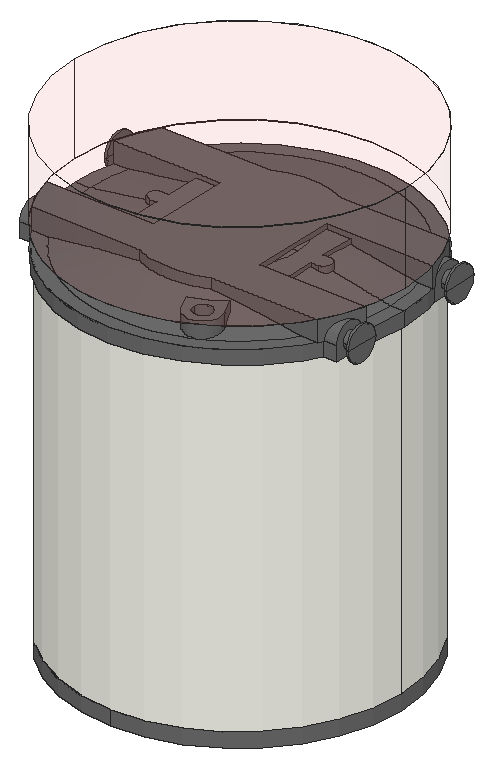
Revit family
Parameters (values of type "1190C3F")
  Watermarked By = "http://revitwatermark.com"
  Water_Ice Tank Volume = "1655 Gallons"
  Warning = "Ice tanks are a component in an ice storage system including chillers, pumps, and controls. Contact CALMAC for IceBank® selection support to make sure all system components will work together properly."
  URL = "http://www.calmac.com/"
  Total Cooling Capacity [instance] = 0.0 ton
  Tank Net Usable Capacity = "162 Ton-Hrs"
  Product Page URL = "http://www.calmac.com/products/icebank.asp"
  Is Tank 1 Front Right Connector Visible = not(CTRL Off)  # yes
  Is Tank 1 Front Left Connector Visible = not(CTRL On)  # no
  Is Tank 1 Back Right Connector Visible = not(CTRL Off)  # yes
  Is Tank 1 Back Left Connector Visible = not(CTRL Off)  # yes
  Surface Finish = Plastic- Calmac- Black
  Supply Coolant Temperature [instance] = -459.67 °F
  Storage Inlet Temperature [instance] = 60 °F
  Shipping Weight = 2000.00 lbf
  Return Coolant Temperature [instance] = -459.67 °F
  Requires Plate Heat Exchanger [instance] = no
  Project/Customer = ""
  Product Documentation Link = "http://www.calmac.com/products/documents/CS-55Model1190C3FAug2007.pdf"
  Pressure Drop [instance] = 0.00 psi
  Precool Hours [instance] = 0
  Pipe Material = Plastic- Calmac- Black
  Operating Weight = 16900.00 lbf
  Occupied Hours [instance] = 0
  Model = "1190C"
  Maximum Operating Temperature = "38°C"
  Maximum Operating Pressure = "620 kPa"
  Manufacturer e-mail = "info@Calmac.com"
  Manufacturer Contact Details = "CALMAC Manufacturing Corporation Headquarters, 3-00 Banta Place, Fair Lawn, NJ  07410, Tel: (201) 797-1511, Fax: (201) 797-1522"
  Manufacturer = "CALMAC Manufacturing Corp."  # constant formula
  Main Use [instance] = ""
  Location [instance] = ""
  Lid Type = Cooling_Plant_Accessories-Calmac-IceBank-Lid_C : Lid-C
  Lid Diameter = 89"  # constant formula
  Leg 4 = 46"  # constant formula
  Leg 1 = 46"  # constant formula
  Latent Cooling Capacity [instance] = 0.0 ton
  Inlet Outlet Center Height = 96 1/2"  # constant formula
  Heat Exchanger Volume = "157 Gallons"
  Has Rigging Bar [instance] = no
  Has Plate and Frame Heat Exchanger [instance] = no
  Has Ice Inventory Meter [instance] = no
  Has Heat Transfer Fluid [instance] = no
  Has Glycol Management System [instance] = no
  Floor Loading Weight = "363 lb/sq.ft."
  Factory Tested Pressure = "1724 kPa"
  Diversity Factor [instance] = 0
  Discharge Rate [instance] = 0
  Discharge Hours [instance] = 0
  Description = "Off-Peak Cooling System"
  Is Clearance Box Visible [instance] = yes
  Clearance Box Height = 24"  # constant formula
  City/State [instance] = ""
  CTRL On = yes
  CTRL Off = not(CTRL On)  # no
  CTRL Hydronic Supply Description = "Hydronic Supply"  # constant formula
  CTRL Hydronic Return Description = "Hydronic Return"  # constant formula
  CTRL Base Radius = 43 31/64"
  Body Material = Plastic- Calmac- Off_White
  Has Solid Base [instance] = yes
  Base Height = Inlet Outlet Center Height - 3 3/4"  # 92 3/4"
  Base Finish = Plastic- Calmac- Black
  Assembly Code = "D3030300"
  Actual Chilled Water Flow [instance] = 0 GPM
Reference planes (in)
  plane 1 "Center (Front/Back)": y = 0
  plane 2 "Bottom": z = 0
  plane 3 "Center (Left/Right)": x = 0
  plane 4 "T.O. Base": z = 92.75
  plane 5 "Inlet/Outlet Center (Elevation)": z = 96.5
  plane 6 "Right Connector Face": x = 46
  plane 7 "Left Connector Face": x = -46
  plane 8 "T.O. Lid": z = 102
  plane 9 "Top": z = 126
  plane 10 "Front Connector Center (F/B)": y = -16.5
  plane 11 "Back Connector Center (F/B)": y = 16.5
  plane 12 "Back": y = 44.5
  plane 13 "Front": y = -44.5
Dimensions and locks (in)
  locked: plane 5 "Inlet/Outlet Center (Elevation)" to plane 4 "T.O. Base" at 3.75
  "Inlet Outlet Center Height": plane 5 "Inlet/Outlet Center (Elevation)" to plane 2 "Bottom"
  "Leg 1": plane 3 "Center (Left/Right)" to plane 6 "Right Connector Face"
  "Leg 4": plane 7 "Left Connector Face" to plane 3 "Center (Left/Right)"
  locked: plane 8 "T.O. Lid" to plane 5 "Inlet/Outlet Center (Elevation)" at 5.5
  locked: plane 1 "Center (Front/Back)" to plane 11 "Back Connector Center (F/B)" at 16.5
  locked: plane 10 "Front Connector Center (F/B)" to plane 1 "Center (Front/Back)" at 16.5
  locked: plane 1 "Center (Front/Back)" to plane 12 "Back" at 44.5
  locked: plane 13 "Front" to plane 1 "Center (Front/Back)" at 44.5
  "Clearance Box Height": plane 9 "Top" to plane 8 "T.O. Lid"
  plane 7 "Left Connector Face" to plane 6 "Right Connector Face" = 92"
  plane 13 "Front" to plane 12 "Back" = 89"
  aligned and locked: plane 1 "Center (Front/Back)" to nested 1
  aligned and locked: plane 3 "Center (Left/Right)" to nested 1
  aligned and locked: plane 3 "Center (Left/Right)" to nested 2
  aligned and locked: plane 1 "Center (Front/Back)" to nested 2
  aligned and locked: plane 4 "T.O. Base" to nested 2
  aligned and locked: plane 2 "Bottom" to nested 1
Nested families (in)
  nested 1: "Cooling_Plant_Accessories-Calmac-IceBank-Base" at (0, 0, 0), type "Base"
    with Is Symbolic Line Visible no, Has Solid Base yes, CTRL Inner Wall Radius 42 39/64", CTRL Base Radius 43 31/64", Base Height 92 3/4"
  nested 2: "Cooling_Plant_Accessories-Calmac-IceBank-Lid_C" at (0, 0, 92.75), type <- "Lid Type", Is Front Right  Flanged Connector Visibility <- "Is Tank 1 Front Right Connector Visible", Is Front Left  Flanged Connector Visibility <- "Is Tank 1 Front Left Connector Visible", Is Clearance Box Visible <- "Is Clearance Box Visible", Is Back Right Flanged Connector Visibility <- "Is Tank 1 Back Right Connector Visible", Is Back Left  Flanged Connector Visibility <- "Is Tank 1 Back Left Connector Visible", Diameter <- "Lid Diameter", Clearance Box Height <- "Clearance Box Height", type "Lid-C"
    with Is Front Right  Flanged Connector Visibility yes, Is Front Left  Flanged Connector Visibility no, Is Clearance Box Visible yes, Is Back Right Flanged Connector Visibility yes, Is Back Left  Flanged Connector Visibility yes, Diameter 89", Clearance Box Height 24", CTRL Radius 44 1/2"
Connectors (in)
  piping at (46.0007, -16.5, 96.5), driven by "CTRL Hydronic Return Description", driven by "Actual Chilled Water Flow"
    settings: on nested 2, index 2, connector radius 2", flow factor 0, pipe flow 0 GPM, pressure drop 0.00 psi, fitting loss kfactor 0, connector angle 0.00°, fixture units 0, flow configuration 0, flow direction 1, fitting loss method 0, system type 8, connector reference index -1, connector utility 0, adjustable connector no, is connector primary yes, fitting loss table "", connector description "Hydronic Return"
  piping at (46.0007, 16.5, 96.5), driven by "CTRL Hydronic Supply Description", driven by "Actual Chilled Water Flow"
    settings: on nested 2, index 3, connector radius 2", flow factor 0, pipe flow 0 GPM, pressure drop 0.00 psi, fitting loss kfactor 0, connector angle 0.00°, fixture units 0, flow configuration 0, flow direction 2, fitting loss method 0, system type 7, connector reference index -1, connector utility 0, adjustable connector no, is connector primary no, fitting loss table "", connector description "Hydronic Supply"
  piping at (-46.0007, 16.5, 96.5)
    settings: on nested 2, index 4, connector radius 2", flow factor 0, pipe flow 0 GPM, pressure drop 0.00 psi, fitting loss kfactor 0, connector angle 0.00°, fixture units 0, flow configuration 0, flow direction 0, fitting loss method 0, system type 7, connector reference index -1, connector utility 0, adjustable connector no, is connector primary no, fitting loss table "", connector description ""
Definition of nested family "Cooling_Plant_Accessories-Calmac-IceBank-Base"
  Parameters (values of type "Base")
    Wall Thickness = 7/8"
    URL = "http://www.calmac.com/"
    Type Comments = ""
    Is Symbolic Line Visible = not(Has Solid Base)  # yes
    Has Solid Base = no
    Model = ""
    Manufacturer = "CALMAC Manufacturing Corp."  # constant formula
    CTRL Inner Wall Radius = CTRL Base Radius - Wall Thickness  # 36"
    CTRL Base Radius = 36 7/8"
    Body Material = Plastic- Calmac- Off_White
    Base Height = 43 5/16"
    Base Finish = Plastic- Calmac- Black
    Assembly Code = "D3030"
  Reference planes (in)
    plane 1 "Center (Front/Back)": y = 0
    plane 2 "Bottom": z = 0
    plane 3 "Center (Left/Right)": x = 0
    plane 4 "Back": y = 36.875
    plane 5 "Front": y = -36.875
    plane 6 "Right": x = 36.875
    plane 7 "Left": x = -36.875
    plane 8 "T.O. Base Plate": z = 4
    plane 9 "Right Edge of Right Void": x = 24.125
    plane 10 "Left Edge of Right Void": x = 13.125
    plane 11 "Left Edge of Left Void": x = -24.125
    plane 12 "Right Edge of Left Void": x = -13.125
    plane 13 "T.O. Base Void": z = 2
    plane 14 "T.O. Base": z = 43.3125
  Forms (in)
    Extrusion 1, solid, material "Plastic- Calmac- Black" <- "Base Finish", visible <- "Is Symbolic Line Visible", detail levels fine
      sketch origin (0, 0, 0) x (1, 0, 0) y (0, 1, 0)
        loop
          circle (0, 0) r 36.875
      from 0 to 4
    Extrusion 2, void
      sketch origin (0, 0, 0) x (1, 0, 0) y (0, 1, 0)
        loop
          line (-24.125, 36.875) -> (-24.125, -36.875) -> (-13.125, -36.875) -> (-13.125, 36.875) -> (-24.125, 36.875)
        loop
          line (13.125, 36.875) -> (13.125, -36.875) -> (24.125, -36.875) -> (24.125, 36.875) -> (13.125, 36.875)
      from 0 to 2
    Extrusion 3, solid, material "Plastic- Calmac- Off_White" <- "Body Material", detail levels fine
      sketch origin (0, 0, 0) x (1, 0, 0) y (0, 1, 0)
        loop
          circle (0, 0) r 36.875
        loop
          circle (0, 0) r 36
      from 4 to 43.3125
    Extrusion 4, solid, material "Plastic- Calmac- Black" <- "Base Finish", visible <- "Has Solid Base", detail levels fine
      sketch origin (0, 0, 43.3125) x (0, -1, 0) y (1, 0, 0)
        loop
          circle (0, 0) r 36.875
      from -43.3125 to -39.3125
  Cuts and joins
    Extrusion 2 cuts Extrusion 3
    Extrusion 2 cuts Extrusion 1
  Lines and regions (in)
    Masking region 1
      outline origin (0, 0, 0) x (1, 0, 0) y (0, 1, 0)
        loop
          circle (0, 0) r 36.875
    Masking region 2
      outline origin (0, 0, 0) x (1, 0, 0) y (0, 0, 1)
        loop
          line (-36.875, 0) -> (36.875, 0) -> (36.875, 43.3125) -> (-36.875, 43.3125) -> (-36.875, 0)
    Masking region 3
      outline origin (0, 0, 0) x (0, 1, 0) y (0, 0, 1)
        loop
          line (-36.875, 0) -> (36.875, 0) -> (36.875, 43.3125) -> (-36.875, 43.3125) -> (-36.875, 0)
    symbolic lines, style "Base", detail levels medium+fine
      curve 1: line (-36.875, 0, 4) -> (36.875, 0, 4)
      curve 8: line (0, -36.875, 4) -> (0, 36.875, 4)
    symbolic lines, style "Base", visible <- "Is Symbolic Line Visible", detail levels medium+fine
      curve 2: line (-24.125, 0, 0) -> (-24.125, 0, 2)
      curve 3: line (-24.125, 0, 2) -> (-13.125, 0, 2)
      curve 4: line (13.125, 0, 2) -> (24.125, 0, 2)
      curve 5: line (13.125, 0, 0) -> (13.125, 0, 2)
      curve 6: line (24.125, 0, 0) -> (24.125, 0, 2)
      curve 7: line (-13.125, 0, 0) -> (-13.125, 0, 2)
    model lines, style "Base", detail levels medium
      curve 9: circle (0, 0, 43.3125) r 36.875 normal (0, 0, 1)
      curve 10: circle (0, 0, 4) r 36.875 normal (0, 0, 1)
      curve 11: circle (0, 0, 0) r 36.875 normal (0, 0, 1)
      curve 12: line (36.875, 0, 0) -> (36.875, 0, 43.3125)
      curve 13: line (-36.875, 0, 0) -> (-36.875, 0, 43.3125)
      curve 14: line (0, -36.875, 0) -> (0, -36.875, 43.3125)
      curve 15: line (0, 36.875, 0) -> (0, 36.875, 43.3125)
    model lines, style "Base", detail levels coarse
      curve 16: line (0, 0, 0) -> (0, 0, 43.3125)
  Dimensions and locks (in)
    locked: plane 7 "Left" to plane 11 "Left Edge of Left Void" at 12.75
    locked: plane 7 "Left" to plane 12 "Right Edge of Left Void" at 23.75
    locked: plane 9 "Right Edge of Right Void" to plane 6 "Right" at 12.75
    locked: plane 10 "Left Edge of Right Void" to plane 6 "Right" at 23.75
    "CTRL Base Radius": plane 7 "Left" to plane 3 "Center (Left/Right)"
    "CTRL Base Radius": plane 3 "Center (Left/Right)" to plane 6 "Right"
    "CTRL Base Radius": plane 1 "Center (Front/Back)" to plane 4 "Back"
    "CTRL Base Radius": plane 5 "Front" to plane 1 "Center (Front/Back)"
    locked: plane 8 "T.O. Base Plate" to plane 2 "Bottom" at 4
    "Base Height": plane 14 "T.O. Base" to plane 2 "Bottom"
    locked: plane 13 "T.O. Base Void" to plane 2 "Bottom" at 2
    "CTRL Base Radius": radius of Extrusion 1 sketch curve
    "CTRL Base Radius": radius of Extrusion 3 sketch curve
    "CTRL Inner Wall Radius": radius of Extrusion 3 sketch curve
    "CTRL Base Radius": radius of Masking region 1 sketch curve
    "CTRL Base Radius": radius of curve 9
    "CTRL Base Radius": radius of curve 10
    "CTRL Base Radius": radius of curve 11
    "CTRL Base Radius": radius of Extrusion 4 sketch curve
    aligned and locked: plane 3 "Center (Left/Right)" to Extrusion 1 sketch curve
    aligned and locked: plane 1 "Center (Front/Back)" to Extrusion 1 sketch curve
    aligned and locked: Extrusion 1 to plane 2 "Bottom"
    aligned and locked: plane 8 "T.O. Base Plate" to Extrusion 1
    aligned and locked: plane 2 "Bottom" to Extrusion 1
    aligned and locked: Extrusion 2 sketch curve to plane 4 "Back"  (x2)
    aligned and locked: Extrusion 2 sketch curve to plane 12 "Right Edge of Left Void"
    aligned and locked: plane 11 "Left Edge of Left Void" to Extrusion 2 sketch curve
    aligned and locked: Extrusion 2 sketch curve to plane 5 "Front"  (x2)
    aligned and locked: Extrusion 2 sketch curve to plane 10 "Left Edge of Right Void"
    aligned and locked: Extrusion 2 sketch curve to plane 9 "Right Edge of Right Void"
    aligned and locked: plane 13 "T.O. Base Void" to Extrusion 2
    aligned and locked: Extrusion 2 to plane 2 "Bottom"
    aligned and locked: Extrusion 2 to plane 5 "Front"
    aligned and locked: plane 4 "Back" to Extrusion 2
    aligned and locked: Extrusion 2 to plane 13 "T.O. Base Void"  (x2)
    aligned and locked: plane 11 "Left Edge of Left Void" to Extrusion 2
    aligned and locked: plane 2 "Bottom" to Extrusion 2  (x2)
    aligned and locked: Extrusion 2 to plane 12 "Right Edge of Left Void"
    aligned and locked: plane 10 "Left Edge of Right Void" to Extrusion 2
    aligned and locked: Extrusion 2 to plane 9 "Right Edge of Right Void"
    aligned and locked: plane 3 "Center (Left/Right)" to Extrusion 3 sketch curve  (x2)
    aligned and locked: plane 1 "Center (Front/Back)" to Extrusion 3 sketch curve  (x2)
    aligned and locked: Extrusion 3 to plane 8 "T.O. Base Plate"
    aligned and locked: plane 14 "T.O. Base" to Extrusion 3
    aligned and locked: plane 3 "Center (Left/Right)" to Masking region 1 sketch curve
    aligned and locked: plane 1 "Center (Front/Back)" to Masking region 1 sketch curve
    aligned and locked: Masking region 2 sketch curve to plane 14 "T.O. Base"
    aligned and locked: plane 6 "Right" to Masking region 2 sketch curve
    aligned and locked: plane 2 "Bottom" to Masking region 2 sketch curve
    aligned and locked: Masking region 2 sketch curve to plane 7 "Left"
    aligned and locked: plane 7 "Left" to curve 1
    aligned and locked: plane 6 "Right" to curve 1
    aligned and locked: curve 1 to plane 8 "T.O. Base Plate"
    aligned and locked: plane 11 "Left Edge of Left Void" to curve 3
    aligned and locked: plane 12 "Right Edge of Left Void" to curve 3
    aligned and locked: curve 3 to plane 13 "T.O. Base Void"
    aligned and locked: plane 2 "Bottom" to curve 2
    aligned and locked: curve 2 to plane 11 "Left Edge of Left Void"
    aligned and locked: plane 10 "Left Edge of Right Void" to curve 4
    aligned and locked: plane 9 "Right Edge of Right Void" to curve 4
    aligned and locked: plane 13 "T.O. Base Void" to curve 5
    aligned and locked: plane 13 "T.O. Base Void" to curve 6
    aligned and locked: plane 2 "Bottom" to curve 5
    aligned and locked: curve 5 to plane 10 "Left Edge of Right Void"
    aligned and locked: curve 6 to plane 9 "Right Edge of Right Void"
    aligned and locked: plane 13 "T.O. Base Void" to curve 7
    aligned and locked: plane 2 "Bottom" to curve 7
    aligned and locked: curve 7 to plane 12 "Right Edge of Left Void"
    aligned and locked: plane 5 "Front" to Masking region 3 sketch curve
    aligned and locked: plane 14 "T.O. Base" to Masking region 3 sketch curve
    aligned and locked: Masking region 3 sketch curve to plane 4 "Back"
    aligned and locked: plane 2 "Bottom" to Masking region 3 sketch curve
    aligned and locked: plane 4 "Back" to curve 8
    aligned and locked: plane 5 "Front" to curve 8
    aligned and locked: curve 8 to plane 8 "T.O. Base Plate"
    aligned and locked: plane 3 "Center (Left/Right)" to curve 9
    aligned and locked: plane 1 "Center (Front/Back)" to curve 9
    aligned and locked: curve 9 to plane 14 "T.O. Base"
    aligned and locked: curve 10 to plane 8 "T.O. Base Plate"
    aligned and locked: plane 3 "Center (Left/Right)" to curve 10
    aligned and locked: plane 1 "Center (Front/Back)" to curve 10
    aligned: curve 11 to plane 2 "Bottom"
    aligned and locked: plane 3 "Center (Left/Right)" to curve 11
    aligned and locked: plane 1 "Center (Front/Back)" to curve 11
    aligned and locked: plane 14 "T.O. Base" to curve 12
    aligned and locked: plane 14 "T.O. Base" to curve 13
    aligned and locked: plane 2 "Bottom" to curve 12
    aligned and locked: plane 2 "Bottom" to curve 13
    aligned and locked: curve 12 to plane 6 "Right"
    aligned and locked: curve 13 to plane 7 "Left"
    aligned and locked: curve 12 to plane 1 "Center (Front/Back)"
    aligned and locked: curve 13 to plane 1 "Center (Front/Back)"
    aligned and locked: plane 14 "T.O. Base" to curve 14
    aligned and locked: plane 14 "T.O. Base" to curve 15
    aligned and locked: plane 2 "Bottom" to curve 14
    aligned and locked: plane 2 "Bottom" to curve 15
    aligned and locked: plane 4 "Back" to curve 15
    aligned and locked: plane 5 "Front" to curve 14
    aligned and locked: plane 3 "Center (Left/Right)" to curve 14
    aligned and locked: plane 3 "Center (Left/Right)" to curve 15
    aligned and locked: plane 14 "T.O. Base" to curve 16
    aligned and locked: plane 2 "Bottom" to curve 16
    aligned and locked: plane 3 "Center (Left/Right)" to curve 16
    aligned and locked: curve 16 to plane 1 "Center (Front/Back)"
    aligned and locked: plane 1 "Center (Front/Back)" to Extrusion 4 sketch curve
    aligned and locked: plane 3 "Center (Left/Right)" to Extrusion 4 sketch curve
    aligned and locked: plane 8 "T.O. Base Plate" to Extrusion 4
    aligned and locked: Extrusion 4 to plane 2 "Bottom"
  Automatic sketch dimensions
    curve 6 to level = 0"
Definition of nested family "Cooling_Plant_Accessories-Calmac-IceBank-Lid_C"
  Parameters (values of type "Lid-C")
    Surface Finish = Plastic- Calmac- Black
    Pipe Material = Plastic- Calmac- Black
    Is Front Right  Flanged Connector Visibility [instance] = yes
    Is Front Left  Flanged Connector Visibility [instance] = yes
    Diameter [instance] = 88 5/8"
    Is Clearance Box Visible [instance] = yes
    Clearance Box Height [instance] = 36"
    CTRL Radius [instance] = Diameter / 2  # 44 5/16"
    Is Back Right Flanged Connector Visibility [instance] = yes
    Is Back Left  Flanged Connector Visibility [instance] = yes
  Reference planes (in)
    plane 1 "Center (Front/Back)": y = 0
    plane 2 "Bottom": z = 0
    plane 3 "Center (Left/Right)": x = 0
    plane 4 "Back": y = 44.315
    plane 5 "Back Connector Back": y = 20.75
    plane 6 "Back Connector Center": y = 16.5
    plane 7 "Back Connector Front": y = 12.25
    plane 8 "Piping Back": y = 21.88647
    plane 9 "Rigging Back": y = 11.25
    plane 10 "Rigging Loop Back": y = 2
    plane 11 "Top Back Edge": y = 24
    plane 12 "Back Inset": y = 40.5
    plane 13 "Back Bolt Front": y = 41.313
    plane 14 "Front": y = -44.315
    plane 15 "Front Connection Front": y = -20.75
    plane 16 "Fron Connector Center": y = -16.5
    plane 17 "Front Connector Back": y = -12.25
    plane 18 "Piping Front": y = -21.88647
    plane 19 "Rigging Front": y = -11.25
    plane 20 "Rigging Loop Front": y = -2
    plane 21 "Top Front Edge": y = -24
    plane 22 "Front Inset": y = -40.5
    plane 23 "Pad Eye Back Right": y = -25.81593
    plane 24 "Pad Eye Back Left Offset": y = -29.90257
    plane 25 "Pad Eye Hole": y = -34.65277
    plane 26 "Pad Eye Back Left": y = -29.72849
    plane 27 "Pad Eye Front Center": y = -36.16371
    plane 28 "Left Connection": x = -44.04297
    plane 29 "Left": x = -44.31273
    plane 30 "Left Lip Inset": x = -40.49773
    plane 31 "Left Rigging Loop Left": x = -24.67173
    plane 32 "Left Rigging Loop Inset": x = -21.42181
    plane 33 "Left Rigging Loop Right": x = -20.67011
    plane 34 "Left Rigging Right": x = -14.19546
    plane 35 "Top Left": x = -9.54335
    plane 36 "Right Connection": x = 44.04297
    plane 37 "Right": x = 44.31273
    plane 38 "Lid Inset Right": x = 40.49773
    plane 39 "Right Rigging Loop Right": x = 24.67173
    plane 40 "Right Rigging Loop Inset": x = 21.42181
    plane 41 "Right Rigging Loop Left": x = 20.67011
    plane 42 "Right Rigging Left": x = 14.19546
    plane 43 "Top Right": x = 9.54335
    plane 44 "Connection Sleeve Left": x = -42.58273
    plane 45 "Connection Sleeve Right": x = 42.58273
    plane 46 "Right Center": x = 17.8202
    plane 47 "Bolt Inset Right": x = 1.00017
    plane 48 "Bolt Inset Left": x = -1.00017
    plane 49 "Bolt Inset Center": y = 42.31422
    plane 50 "Top Left Inset": x = -38.53052
    plane 51 "Top Right Inset": x = 38.53052
    plane 52 "Right Side Chanel": x = 42.86089
    plane 53 "Left Side Channel": x = -42.86089
    plane 54 "Top of Clearance Box": z = 45.25
    plane 55 "Top": z = 9.25
    plane 56 "Connector Channel Top": z = 8
    plane 57 "Center (Elevation)": z = 3.75
    plane 58 "Front Inset 2": y = -36.85443
    plane 59 "Flange Left": x = -46.0007
    plane 60 "Flange Right": x = 46.0007
  Forms (in)
    Revolve 1, solid, material "Plastic- Calmac- Black" <- "Surface Finish", detail levels fine
      sketch origin (0, 0, 0) x (1, 0, 0) y (0, 0, 1)
        loop
          line (0, 9) -> (0, 0) -> (44.31273, 0) -> (44.31273, 3.75) -> (40.49773, 3.75) -> (9.54335, 9) -> (0, 9)
        axis (0, 9) -> (0, 0)
      angle from 0 to 360
    Extrusion 2, solid, material "Plastic- Calmac- Black" <- "Surface Finish", detail levels fine
      sketch origin (0, 0, 0) x (1, 0, 0) y (0, 1, 0)
        loop
          arc (-38.53052, 21.88647) -> (-41.04173, 16.70911) -> (-42.86089, 11.25) r 44.31273
          line (-42.86089, 11.25) -> (-14.19546, 11.25) -> (-14.19546, -11.25) -> (-42.86089, -11.25)
          arc (-42.86089, -11.25) -> (-41.04173, -16.70911) -> (-38.53052, -21.88647) r 44.31273
          line (-38.53052, -21.88647) -> (-9.54335, -21.88647)
          arc (-9.54335, -21.88647) -> (0, -24) -> (9.54335, -21.88647) r 22.60261
          line (9.54335, -21.88647) -> (38.53052, -21.88647)
          arc (38.53052, -21.88647) -> (41.04173, -16.70911) -> (42.86089, -11.25) r 44.31273
          line (42.86089, -11.25) -> (14.19546, -11.25) -> (14.19546, 11.25) -> (42.86089, 11.25)
          arc (42.86089, 11.25) -> (41.04173, 16.70911) -> (38.53052, 21.88647) r 44.31273
          line (38.53052, 21.88647) -> (9.54335, 21.88647)
          arc (9.54335, 21.88647) -> (0, 24) -> (-9.54335, 21.88647) r 22.60261
          line (-9.54335, 21.88647) -> (-38.53052, 21.88647)
      from 3.75 to 9.25
    Extrusion 3, solid, material "Plastic- Calmac- Black" <- "Surface Finish", detail levels fine
      sketch origin (0, 0, 0) x (0, 1, 0) y (0, 0, 1)
        loop
          arc (20.75, 3.75) -> (16.5, 8) -> (12.25, 3.75) r 4.25
          line (12.25, 3.75) -> (12.25, 0) -> (20.75, 0) -> (20.75, 3.75)
        loop
          arc (-12.25, 3.75) -> (-16.5, 8) -> (-20.75, 3.75) r 4.25
          line (-20.75, 3.75) -> (-20.75, 0) -> (-12.25, 0) -> (-12.25, 3.75)
      from -42.58273 to 42.58273
    Extrusion 4, solid, material "Plastic- Calmac- Black" <- "Surface Finish", detail levels fine
      sketch origin (0, 0, 0) x (1, 0, 0) y (0, 1, 0)
        loop
          circle (15.75299, -32.19443) r 2.46875
        loop
          arc (17.70624, -25.58301) -> (13.67455, -27.9461) -> (9.33437, -29.67863) r 31.11
          line (9.33437, -29.67863) -> (11.56709, -34.24232)
          arc (11.56709, -34.24232) -> (17.80089, -36.38032) -> (19.93889, -30.14653) r 4.66
          line (19.93889, -30.14653) -> (17.70624, -25.58301)
      from 3.75 to 8
    Extrusion 5, solid, material "Plastic- Calmac- Black" <- "Surface Finish", detail levels fine
      sketch origin (0, 0, 0) x (1, 0, 0) y (0, 1, 0)
        loop
          line (-20.67011, 11.25) -> (-20.67011, 2) -> (-22.67173, 2)
          arc (-22.67173, 2) -> (-24.67173, 0) -> (-22.67173, -2) r 2
          line (-22.67173, -2) -> (-20.67011, -2) -> (-20.67011, -11.25) -> (-14.19546, -11.25) -> (-14.19546, 11.25) -> (-20.67011, 11.25)
        loop
          line (20.67011, 2) -> (20.67011, 11.25) -> (14.19546, 11.25) -> (14.19546, -11.25) -> (20.67011, -11.25) -> (20.67011, -2) -> (22.67548, -2)
          arc (22.67548, -2) -> (24.67548, 0) -> (22.67548, 2) r 2
          line (22.67548, 2) -> (20.67011, 2)
      from 3.75 to 8
  Cuts and joins
    joined: Revolve 1, Extrusion 2, Extrusion 4, Extrusion 5
  Lines and regions (in)
    Masking region 1
      outline origin (0, 0, 0) x (1, 0, 0) y (0, 0, 1)
        loop
          line (-44.31273, 9.25) -> (-44.31273, 0) -> (44.31273, 0) -> (44.31273, 9.25) -> (-44.31273, 9.25)
    Masking region 2
      outline origin (0, 0, 0) x (0, 1, 0) y (0, 0, 1)
        loop
          line (44.315, 3.75) -> (40.5, 3.75) -> (24, 6.54801) -> (24, 9.25) -> (-24, 9.25) -> (-24, 6.54801) -> (-25.58301, 6.26888) -> (-25.58301, 8) -> (-36.85443, 8) -> (-36.85443, 4.39281) -> (-40.5, 3.75) -> (-44.315, 3.75) -> (-44.315, 0) -> (44.315, 0) -> (44.315, 3.75)
    Masking region 3
      outline origin (0, 0, 3.75) x (-1, 0, 0) y (0, -1, 0)
        loop
          arc (-44.31273, 0) -> (-43.8781, -6.19116) -> (-42.58273, -12.26088) r 44.31273
          line (-42.58273, -12.26088) -> (-42.58273, -20.75) -> (-39.15426, -20.75)
          arc (-39.15426, -20.75) -> (0, -44.31273) -> (39.15426, -20.75) r 44.31273
          line (39.15426, -20.75) -> (42.58273, -20.75) -> (42.58273, -12.26088)
          arc (42.58273, -12.26088) -> (43.8781, -6.19116) -> (44.31273, 0) r 44.31273
          arc (44.31273, 0) -> (43.8781, 6.19116) -> (42.58273, 12.26088) r 44.31273
          line (42.58273, 12.26088) -> (42.58273, 20.75) -> (39.15426, 20.75)
          arc (39.15426, 20.75) -> (0, 44.31273) -> (-39.15426, 20.75) r 44.31273
          line (-39.15426, 20.75) -> (-42.58273, 20.75) -> (-42.58273, 12.26088)
          arc (-42.58273, 12.26088) -> (-43.8781, 6.19116) -> (-44.31273, 0) r 44.31273
    symbolic lines, detail levels fine
      curve 1: line (1.00017, 44.315, 3.75) -> (1.00017, 42.31422, 3.75)
      curve 2: line (-1.00017, 44.315, 3.75) -> (-1.00017, 42.31422, 3.75)
      curve 3: arc (-1.00017, 42.31422, 3.75) -> (0, 41.31405, 3.75) -> (1.00017, 42.31422, 3.75) r 1.00017
      curve 4: line (10.83611, 42.98137, 3.75) -> (10.39089, 41.03076, 3.75)
      curve 5: line (8.88592, 43.42649, 3.75) -> (8.44071, 41.47588, 3.75)
      curve 6: arc (8.44071, 41.47588, 3.75) -> (9.19324, 40.27822, 3.75) -> (10.39089, 41.03076, 3.75) r 1.00017
      curve 7: line (-8.88592, 43.42649, 3.75) -> (-8.44071, 41.47588, 3.75)
      curve 8: line (-10.83611, 42.98137, 3.75) -> (-10.39089, 41.03076, 3.75)
      curve 9: arc (-10.39089, 41.03076, 3.75) -> (-9.19324, 40.27822, 3.75) -> (-8.44071, 41.47588, 3.75) r 1.00017
      curve 10: line (-18.32644, 40.36039, 3.75) -> (-17.45833, 38.55775, 3.75)
      curve 11: line (-20.12868, 39.49248, 3.75) -> (-19.26058, 37.68984, 3.75)
      curve 12: arc (-19.26058, 37.68984, 3.75) -> (-17.9255, 37.22267, 3.75) -> (-17.45833, 38.55775, 3.75) r 1.00017
      curve 13: line (-26.84799, 35.27046, 3.75) -> (-25.60052, 33.70619, 3.75)
      curve 14: line (-28.41192, 34.02327, 3.75) -> (-27.16445, 32.45899, 3.75)
      curve 15: arc (-27.16445, 32.45899, 3.75) -> (-25.75889, 32.30063, 3.75) -> (-25.60052, 33.70619, 3.75) r 1.00017
      curve 16: line (-34.02327, 28.41192, 3.75) -> (-32.45899, 27.16445, 3.75)
      curve 17: line (-35.27046, 26.84799, 3.75) -> (-33.70619, 25.60052, 3.75)
      curve 18: arc (-33.70619, 25.60052, 3.75) -> (-32.30063, 25.75889, 3.75) -> (-32.45899, 27.16445, 3.75) r 1.00017
      curve 19: line (-42.98137, 10.83611, 3.75) -> (-41.03076, 10.39089, 3.75)
      curve 20: line (-43.42649, 8.88592, 3.75) -> (-41.47588, 8.44071, 3.75)
      curve 21: arc (-41.47588, 8.44071, 3.75) -> (-40.27822, 9.19324, 3.75) -> (-41.03076, 10.39089, 3.75) r 1.00017
      curve 22: line (-44.315, 1.00017, 3.75) -> (-42.31422, 1.00017, 3.75)
      curve 23: line (-44.315, -1.00017, 3.75) -> (-42.31422, -1.00017, 3.75)
      curve 24: arc (-42.31422, -1.00017, 3.75) -> (-41.31405, 0, 3.75) -> (-42.31422, 1.00017, 3.75) r 1.00017
      curve 25: line (-43.42649, -8.88592, 3.75) -> (-41.47588, -8.44071, 3.75)
      curve 26: line (-42.98137, -10.83611, 3.75) -> (-41.03076, -10.39089, 3.75)
      curve 27: arc (-41.03076, -10.39089, 3.75) -> (-40.27822, -9.19324, 3.75) -> (-41.47588, -8.44071, 3.75) r 1.00017
      curve 28: line (-35.27046, -26.84799, 3.75) -> (-33.70619, -25.60052, 3.75)
      curve 29: line (-34.02327, -28.41192, 3.75) -> (-32.45899, -27.16445, 3.75)
      curve 30: arc (-32.45899, -27.16445, 3.75) -> (-32.30063, -25.75889, 3.75) -> (-33.70619, -25.60052, 3.75) r 1.00017
      curve 31: line (-28.41192, -34.02327, 3.75) -> (-27.16445, -32.45899, 3.75)
      curve 32: line (-26.84799, -35.27046, 3.75) -> (-25.60052, -33.70619, 3.75)
      curve 33: arc (-25.60052, -33.70619, 3.75) -> (-25.75889, -32.30063, 3.75) -> (-27.16445, -32.45899, 3.75) r 1.00017
      curve 34: line (-20.12868, -39.49248, 3.75) -> (-19.26058, -37.68984, 3.75)
      curve 35: line (-18.32644, -40.36039, 3.75) -> (-17.45833, -38.55775, 3.75)
      curve 36: arc (-17.45833, -38.55775, 3.75) -> (-17.9255, -37.22267, 3.75) -> (-19.26058, -37.68984, 3.75) r 1.00017
      curve 37: line (-10.83611, -42.98137, 3.75) -> (-10.39089, -41.03076, 3.75)
      curve 38: line (-8.88592, -43.42649, 3.75) -> (-8.44071, -41.47588, 3.75)
      curve 39: arc (-8.44071, -41.47588, 3.75) -> (-9.19324, -40.27822, 3.75) -> (-10.39089, -41.03076, 3.75) r 1.00017
      curve 40: line (-1.00017, -44.315, 3.75) -> (-1.00017, -42.31422, 3.75)
      curve 41: line (1.00017, -44.315, 3.75) -> (1.00017, -42.31422, 3.75)
      curve 42: arc (1.00017, -42.31422, 3.75) -> (0, -41.31405, 3.75) -> (-1.00017, -42.31422, 3.75) r 1.00017
      curve 43: line (8.88592, -43.42649, 3.75) -> (8.44071, -41.47588, 3.75)
      curve 44: line (10.83611, -42.98137, 3.75) -> (10.39089, -41.03076, 3.75)
      curve 45: arc (10.39089, -41.03076, 3.75) -> (9.19324, -40.27822, 3.75) -> (8.44071, -41.47588, 3.75) r 1.00017
      curve 46: line (18.32644, -40.36039, 3.75) -> (17.45833, -38.55775, 3.75)
      curve 47: line (20.12868, -39.49248, 3.75) -> (19.26058, -37.68984, 3.75)
      curve 48: arc (19.26058, -37.68984, 3.75) -> (17.9255, -37.22267, 3.75) -> (17.45833, -38.55775, 3.75) r 1.00017
      curve 49: line (26.84799, -35.27046, 3.75) -> (25.60052, -33.70619, 3.75)
      curve 50: line (28.41192, -34.02327, 3.75) -> (27.16445, -32.45899, 3.75)
      curve 51: arc (27.16445, -32.45899, 3.75) -> (25.75889, -32.30063, 3.75) -> (25.60052, -33.70619, 3.75) r 1.00017
      curve 52: line (34.02327, -28.41192, 3.75) -> (32.45899, -27.16445, 3.75)
      curve 53: line (35.27046, -26.84799, 3.75) -> (33.70619, -25.60052, 3.75)
      curve 54: arc (33.70619, -25.60052, 3.75) -> (32.30063, -25.75889, 3.75) -> (32.45899, -27.16445, 3.75) r 1.00017
      curve 55: line (42.98137, -10.83611, 3.75) -> (41.03076, -10.39089, 3.75)
      curve 56: line (43.42649, -8.88592, 3.75) -> (41.47588, -8.44071, 3.75)
      curve 57: arc (41.47588, -8.44071, 3.75) -> (40.27822, -9.19324, 3.75) -> (41.03076, -10.39089, 3.75) r 1.00017
      curve 58: line (44.315, -1.00017, 3.75) -> (42.31422, -1.00017, 3.75)
      curve 59: line (44.315, 1.00017, 3.75) -> (42.31422, 1.00017, 3.75)
      curve 60: arc (42.31422, 1.00017, 3.75) -> (41.31405, 0, 3.75) -> (42.31422, -1.00017, 3.75) r 1.00017
      curve 61: line (43.42649, 8.88592, 3.75) -> (41.47588, 8.44071, 3.75)
      curve 62: line (42.98137, 10.83611, 3.75) -> (41.03076, 10.39089, 3.75)
      curve 63: arc (41.03076, 10.39089, 3.75) -> (40.27822, 9.19324, 3.75) -> (41.47588, 8.44071, 3.75) r 1.00017
      curve 64: line (35.27046, 26.84799, 3.75) -> (33.70619, 25.60052, 3.75)
      curve 65: line (34.02327, 28.41192, 3.75) -> (32.45899, 27.16445, 3.75)
      curve 66: arc (32.45899, 27.16445, 3.75) -> (32.30063, 25.75889, 3.75) -> (33.70619, 25.60052, 3.75) r 1.00017
      curve 67: line (28.41192, 34.02327, 3.75) -> (27.16445, 32.45899, 3.75)
      curve 68: line (26.84799, 35.27046, 3.75) -> (25.60052, 33.70619, 3.75)
      curve 69: arc (25.60052, 33.70619, 3.75) -> (25.75889, 32.30063, 3.75) -> (27.16445, 32.45899, 3.75) r 1.00017
      curve 70: line (20.12868, 39.49248, 3.75) -> (19.26058, 37.68984, 3.75)
      curve 71: line (18.32644, 40.36039, 3.75) -> (17.45833, 38.55775, 3.75)
      curve 72: arc (17.45833, 38.55775, 3.75) -> (17.9255, 37.22267, 3.75) -> (19.26058, 37.68984, 3.75) r 1.00017
    symbolic lines, style "Thermal Energy Storage", detail levels medium+fine
      curve 73: arc (0, 20.75, 3.75) -> (0, 16.5, 8) -> (0, 12.25, 3.75) r 4.25
      curve 74: line (0, 20.75, 0) -> (0, 20.75, 3.75)
      curve 75: line (0, 12.25, 3.75) -> (0, 12.25, 0)
      curve 77: line (0, 21.88647, 3.75) -> (0, 21.88647, 9.25)
      curve 78: line (0, 21.88647, 3.75) -> (0, 40.5, 3.75)
      curve 80: line (0, -11.25, 3.75) -> (0, -11.25, 9.25)
      curve 86: line (0, 11.25, 9.25) -> (0, 11.25, 3.75)
      curve 87: line (0, 11.25, 3.75) -> (0, -11.25, 3.75)
      curve 88: arc (0, -12.25, 3.75) -> (0, -16.5, 8) -> (0, -20.75, 3.75) r 4.25
      curve 89: line (0, -12.25, 0) -> (0, -12.25, 3.75)
      curve 90: line (0, -20.75, 3.75) -> (0, -20.75, 0)
      curve 95: line (0, -21.88647, 9.25) -> (0, -21.88647, 3.75)
      curve 96: line (0, -21.88647, 3.75) -> (0, -40.49773, 3.75)
      curve 98: line (-38.53052, 0, 3.75) -> (38.53052, 0, 3.75)
      curve 100: line (-38.53052, 0, 3.75) -> (-38.53052, 0, 9.25)
      curve 110: line (38.53052, 0, 3.75) -> (38.53052, 0, 9.25)
      curve 121: line (-9.54335, 21.88647, 3.75) -> (-38.53052, 21.88647, 3.75)
      curve 122: arc (-38.53052, 21.88647, 3.75) -> (-41.04173, 16.70911, 3.75) -> (-42.86089, 11.25, 3.75) r 44.31273
      curve 123: line (-42.86089, 11.25, 3.75) -> (-14.19546, 11.25, 3.75)
      curve 124: line (-14.19546, 11.25, 3.75) -> (-14.19546, -11.25, 3.75)
      curve 125: line (-14.19546, -11.25, 3.75) -> (-42.86089, -11.25, 3.75)
      curve 126: arc (-42.86089, -11.25, 3.75) -> (-41.04173, -16.70911, 3.75) -> (-38.53052, -21.88647, 3.75) r 44.31273
      curve 127: line (-38.53052, -21.88647, 3.75) -> (-9.54335, -21.88647, 3.75)
      curve 128: arc (-9.54335, -21.88647, 3.75) -> (0, -24, 3.75) -> (9.54335, -21.88647, 3.75) r 22.60261
      curve 129: line (9.54335, -21.88647, 3.75) -> (38.53052, -21.88647, 3.75)
      curve 130: arc (38.53052, -21.88647, 3.75) -> (41.04173, -16.70911, 3.75) -> (42.86089, -11.25, 3.75) r 44.31273
      curve 131: line (42.86089, -11.25, 3.75) -> (14.19546, -11.25, 3.75)
      curve 132: line (14.19546, -11.25, 3.75) -> (14.19546, 11.25, 3.75)
      curve 133: line (14.19546, 11.25, 3.75) -> (42.86089, 11.25, 3.75)
      curve 134: arc (42.86089, 11.25, 3.75) -> (41.04173, 16.70911, 3.75) -> (38.53052, 21.88647, 3.75) r 44.31273
      curve 135: line (38.53052, 21.88647, 3.75) -> (9.54335, 21.88647, 3.75)
      curve 136: arc (9.54335, 21.88647, 3.75) -> (0, 24, 3.75) -> (-9.54335, 21.88647, 3.75) r 22.60261
      curve 165: arc (-34.07417, -21.88647, 3.75) -> (0, -40.51236, 3.75) -> (34.07417, -21.88647, 3.75) r 40.48056
      curve 166: arc (-38.90378, -11.25, 3.75) -> (-40.49773, 0, 3.75) -> (-38.90378, 11.25, 3.75) r 40.49773
      curve 167: arc (-34.07417, 21.88647, 3.75) -> (0, 40.5, 3.75) -> (34.07417, 21.88647, 3.75) r 40.49507
      curve 168: arc (38.90378, 11.25, 3.75) -> (40.49773, 0, 3.75) -> (38.90378, -11.25, 3.75) r 40.49773
    symbolic lines, style "Thermal Energy Storage", detail levels fine
      curve 76: line (0, 24, 6.54801) -> (0, 21.87678, 6.54801)
      curve 79: arc (0, -2, 7.09716) -> (0, -6.62882, 6.93697) -> (0, -11.25, 6.62646) r 142.52273
      curve 81: line (0, -11.25, 8) -> (0, -2, 8)
      curve 82: line (0, -2, 8) -> (0, -2, 6.75604)
      curve 83: arc (0, 11.25, 6.62646) -> (0, 6.62882, 6.93697) -> (0, 2, 7.09716) r 142.52273
      curve 84: line (0, 2, 6.75593) -> (0, 2, 8)
      curve 85: line (0, 2, 8) -> (0, 11.25, 8)
      curve 91: line (0, -36.85495, 4.39272) -> (0, -25.60206, 6.37691)
      curve 92: line (0, -24, 6.54801) -> (0, -21.9107, 6.54801)
      curve 93: spline (0, -1.99864, 6.75604) -> (0, -1.98159, 6.71429) -> (0, -1.93074, 6.67324) -> (0, -1.84694, 6.63358) -> (0, -1.73161, 6.59599) -> (0, -1.58672, 6.56109) -> (0, -1.4147, 6.52948) -> (0, -1.21849, 6.50169) -> (0, -1.0014, 6.4782) -> (0, -0.7671, 6.45941) -> (0, -0.51958, 6.44563) -> (0, -0.26302, 6.43709) -> (0, -0.00177, 6.43395)
      curve 94: spline (0, -0.00177, 6.43395) -> (0, 0.25981, 6.43472) -> (0, 0.51674, 6.44125) -> (0, 0.76466, 6.45344) -> (0, 0.99936, 6.47108) -> (0, 1.21686, 6.49387) -> (0, 1.41346, 6.52142) -> (0, 1.58583, 6.55326) -> (0, 1.73103, 6.58885) -> (0, 1.84661, 6.62759) -> (0, 1.93059, 6.66882) -> (0, 1.98156, 6.71185) -> (0, 1.99865, 6.75593)
      curve 97: line (-42.58273, 0, 8) -> (-42.58273, 0, 0)
      curve 99: spline (9.33437, 0, 6.56806) -> (7.83355, 0, 6.56193) -> (6.29236, 0, 6.55689) -> (4.71875, 0, 6.55296) -> (3.12081, 0, 6.55016) -> (1.50679, 0, 6.54851) -> (-0.115, 0, 6.54801) -> (-1.73619, 0, 6.54867) -> (-3.34844, 0, 6.55049) -> (-4.94343, 0, 6.55345) -> (-6.51294, 0, 6.55754) -> (-8.04888, 0, 6.56273) -> (-9.54335, 0, 6.56901)
      curve 101: line (9.33437, 0, 5.34188) -> (9.33437, 0, 8)
      curve 102: line (20.41299, 0, 8) -> (9.33437, 0, 8)
      curve 103: line (9.54335, 0, 8) -> (9.54335, 0, 9)
      curve 104: line (20.41299, 0, 8) -> (20.41299, 0, 4.17536)
      curve 105: line (9.33437, 0, 5.34188) -> (11.56709, 0, 4.48854)
      curve 106: arc (11.56709, 0, 4.48854) -> (14.16986, 0, 3.94334) -> (16.82208, 0, 3.75) r 19.90238
      curve 107: arc (20.41299, 0, 4.17536) -> (20.37233, 0, 4.0464) -> (20.26505, 0, 3.96408) r 0.22484
      curve 108: line (18.16352, 0, 3.75) -> (20.26505, 0, 3.96408)
      curve 109: line (20.41299, 0, 5.54906) -> (33.00047, 0, 3.75)
      curve 111: line (42.58273, 0, 0) -> (42.58273, 0, 8)
      curve 112: arc (41.33273, 0, 8) -> (39.81665, 0, 7.15086) -> (39.24367, 0, 5.51036) r 2.45264
      curve 113: line (39.24367, 0, 5.51036) -> (39.08966, 0, 3.75)
      curve 114: line (41.33273, 0, 8) -> (42.58273, 0, 8)
      curve 115: line (-9.54335, 0, 6.56901) -> (-34.07417, 0, 3.75)
      curve 116: line (39.08966, 0, 3.75) -> (39.08966, 0, 0)
      curve 117: arc (-41.33273, 0, 8) -> (-39.81665, 0, 7.15086) -> (-39.24367, 0, 5.51036) r 2.45264
      curve 118: line (-39.24367, 0, 5.51036) -> (-39.08966, 0, 3.75)
      curve 119: line (-39.08966, 0, 3.75) -> (-39.08966, 0, 0)
      curve 120: line (-42.58273, 0, 8) -> (-41.33273, 0, 8)
      curve 137: line (20.67011, 2, 3.75) -> (20.67011, 11.25, 3.75)
      curve 138: line (20.67011, 11.25, 3.75) -> (14.19546, 11.25, 3.75)
      curve 139: line (14.19546, 11.25, 3.75) -> (14.19546, 6.07162, 3.75)
      curve 140: arc (14.19546, 6.07162, 3.75) -> (15.12523, 3.09887, 3.75) -> (15.43942, 0, 3.75) r 15.43942
      curve 141: arc (15.43942, 0, 3.75) -> (15.12523, -3.09887, 3.75) -> (14.19546, -6.07162, 3.75) r 15.43942
      curve 142: line (14.19546, -6.07162, 3.75) -> (14.19546, -11.25, 3.75)
      curve 143: line (14.19546, -11.25, 3.75) -> (20.67011, -11.25, 3.75)
      curve 144: line (20.67011, -11.25, 3.75) -> (20.67011, -2, 3.75)
      curve 145: line (20.67011, -2, 3.75) -> (22.67548, -2, 3.75)
      curve 146: arc (22.67548, -2, 3.75) -> (24.67548, 0, 3.75) -> (22.67548, 2, 3.75) r 2
      curve 147: line (22.67548, 2, 3.75) -> (20.67011, 2, 3.75)
      curve 148: line (-20.67011, 11.25, 3.75) -> (-20.67011, 2, 3.75)
      curve 149: line (-20.67011, 2, 3.75) -> (-22.67173, 2, 3.75)
      curve 150: arc (-22.67173, 2, 3.75) -> (-24.67173, 0, 3.75) -> (-22.67173, -2, 3.75) r 2
      curve 151: line (-22.67173, -2, 3.75) -> (-20.67011, -2, 3.75)
      curve 152: line (-20.67011, -2, 3.75) -> (-20.67011, -11.25, 3.75)
      curve 153: line (-20.67011, -11.25, 3.75) -> (-14.19546, -11.25, 3.75)
      curve 154: line (-14.19546, -11.25, 3.75) -> (-14.19546, -6.07162, 3.75)
      curve 155: arc (-14.19546, -6.07162, 3.75) -> (-15.12523, -3.09887, 3.75) -> (-15.43942, 0, 3.75) r 15.43942
      curve 156: arc (-15.43942, 0, 3.75) -> (-15.12523, 3.09887, 3.75) -> (-14.19546, 6.07162, 3.75) r 15.43942
      curve 157: line (-14.19546, 6.07162, 3.75) -> (-14.19546, 11.25, 3.75)
      curve 158: line (-14.19546, 11.25, 3.75) -> (-20.67011, 11.25, 3.75)
      curve 159: arc (17.70624, -25.58301, 3.75) -> (13.67455, -27.9461, 3.75) -> (9.33437, -29.67863, 3.75) r 31.11
      curve 160: line (9.33437, -29.67863, 3.75) -> (11.56709, -34.24232, 3.75)
      curve 161: arc (11.56709, -34.24232, 3.75) -> (17.80089, -36.38032, 3.75) -> (19.93889, -30.14653, 3.75) r 4.66
      curve 162: line (19.93889, -30.14653, 3.75) -> (17.70624, -25.58301, 3.75)
      curve 163: arc (13.28424, -32.19443, 3.75) -> (15.75299, -29.72568, 3.75) -> (18.22174, -32.19443, 3.75) r 2.46875
      curve 164: arc (18.22174, -32.19443, 3.75) -> (15.75299, -34.66318, 3.75) -> (13.28424, -32.19443, 3.75) r 2.46875
    model lines, style "Thermal Energy Storage", detail levels medium
      curve 169: arc (44.31273, 0, 0) -> (0, 44.31273, 0) -> (-44.31273, 0, 0) r 44.31273
      curve 170: arc (-44.31273, 0, 0) -> (0, -44.31273, 0) -> (44.31273, 0, 0) r 44.31273
      curve 171: arc (44.31273, 0, 3.75) -> (0, 44.31273, 3.75) -> (-44.31273, 0, 3.75) r 44.31273
      curve 172: arc (-44.31273, 0, 3.75) -> (0, -44.31273, 3.75) -> (44.31273, 0, 3.75) r 44.31273
      curve 173: arc (-34.07417, 21.88647, 3.75) -> (0, 40.49773, 3.75) -> (34.07417, 21.88647, 3.75) r 40.49773
      curve 174: arc (34.07417, -21.88647, 3.75) -> (0, -40.49773, 3.75) -> (-34.07417, -21.88647, 3.75) r 40.49773
      curve 175: arc (-38.90378, -11.25, 3.75) -> (-40.09726, -5.68118, 3.75) -> (-40.49773, 0, 3.75) r 40.49773
      curve 176: arc (-40.49773, 0, 3.75) -> (-40.09726, 5.68118, 3.75) -> (-38.90378, 11.25, 3.75) r 40.49773
      curve 177: arc (40.49773, 0, 3.75) -> (40.09726, -5.68118, 3.75) -> (38.90378, -11.25, 3.75) r 40.49773
      curve 178: arc (38.90378, 11.25, 3.75) -> (40.09726, 5.68118, 3.75) -> (40.49773, 0, 3.75) r 40.49773
      curve 179: line (38.53052, 21.88647, 3.75) -> (8.66096, 21.88647, 3.75)
      curve 180: arc (9.54335, 21.88647, 3.75) -> (0, 24, 3.75) -> (-9.54335, 21.88647, 3.75) r 22.60261
      curve 181: line (-9.54335, 21.88647, 3.75) -> (-38.53052, 21.88647, 3.75)
      curve 182: line (-42.86089, 11.25, 3.75) -> (-14.19546, 11.25, 3.75)
      curve 183: line (-14.19546, 11.25, 3.75) -> (-14.19546, -11.25, 3.75)
      curve 184: line (-14.19546, -11.25, 3.75) -> (-42.86089, -11.25, 3.75)
      curve 185: line (-38.53052, -21.88647, 3.75) -> (-9.54335, -21.88647, 3.75)
      curve 186: arc (-9.54335, -21.88647, 3.75) -> (0, -24, 3.75) -> (9.54335, -21.88647, 3.75) r 22.60261
      curve 187: line (9.54335, -21.88647, 3.75) -> (38.53052, -21.88647, 3.75)
      curve 188: line (42.86089, -11.25, 3.75) -> (14.19546, -11.25, 3.75)
      curve 189: line (14.19546, -11.25, 3.75) -> (14.19546, 11.25, 3.75)
      curve 190: line (14.19546, 11.25, 3.75) -> (42.86089, 11.25, 3.75)
      curve 191: line (-42.86089, 11.25, 9.25) -> (-42.86089, 11.25, 3.75)
      curve 192: line (-42.86089, -11.25, 3.75) -> (-42.86089, -11.25, 9.25)
      curve 193: line (42.86089, 11.25, 3.75) -> (42.86089, 11.25, 9.25)
      curve 194: line (42.86089, -11.25, 9.25) -> (42.86089, -11.25, 3.75)
      curve 195: line (-38.53052, 21.88647, 3.75) -> (-38.53052, 21.88647, 9.25)
      curve 196: line (-38.53052, -21.88647, 9.03655) -> (-38.53052, -21.88647, 3.75)
      curve 197: line (38.53052, 21.88647, 9.25) -> (38.53052, 21.88647, 3.89855)
      curve 198: line (38.53052, -21.88647, 3.75) -> (38.53052, -21.88647, 9.25)
    model lines, style "Thermal Energy Storage", detail levels coarse
      curve 199: line (-44.31273, 0, 9.25) -> (44.31273, 0, 9.25)
      curve 200: line (0, -44.31273, 9.25) -> (0, 44.31273, 9.25)
      curve 201: line (0, 0, 9.25) -> (0, 0, 0)
      curve 202: line (9.54335, -21.88647, 9.25) -> (38.53052, -21.88647, 9.25)
      curve 203: arc (-9.54335, -21.88647, 9.25) -> (0, -24, 9.25) -> (9.54335, -21.88647, 9.25) r 22.60261
      curve 204: line (-38.53052, -21.88647, 9.25) -> (-9.54335, -21.88647, 9.25)
      curve 205: line (-14.19546, -11.25, 9.25) -> (-42.86089, -11.25, 9.25)
      curve 206: line (-14.19546, 11.25, 9.25) -> (-14.19546, -11.25, 9.25)
      curve 207: line (-42.86089, 11.25, 9.25) -> (-14.19546, 11.25, 9.25)
      curve 208: line (-9.54335, 21.88647, 9.25) -> (-38.53052, 21.88647, 9.25)
      curve 209: arc (9.54335, 21.88647, 9.25) -> (0, 24, 9.25) -> (-9.54335, 21.88647, 9.25) r 22.60261
      curve 210: line (38.53052, 21.88647, 9.25) -> (8.66096, 21.88647, 9.25)
      curve 211: line (14.19546, 11.25, 9.25) -> (42.86089, 11.25, 9.25)
      curve 212: line (14.19546, -11.25, 9.25) -> (14.19546, 11.25, 9.25)
      curve 213: line (42.86089, -11.25, 9.25) -> (14.19546, -11.25, 9.25)
      curve 214: arc (-42.86089, -11.25, 9.25) -> (-41.04173, -16.70911, 9.25) -> (-38.53052, -21.88647, 9.25) r 44.31273
      curve 215: arc (42.86089, 11.25, 9.25) -> (41.04173, 16.70911, 9.25) -> (38.53052, 21.88647, 9.25) r 44.31273
      curve 216: arc (-38.53052, 21.88647, 9.25) -> (-41.04173, 16.70911, 9.25) -> (-42.86089, 11.25, 9.25) r 44.31273
      curve 217: arc (38.53052, -21.88647, 9.25) -> (41.04173, -16.70911, 9.25) -> (42.86089, -11.25, 9.25) r 44.31273
  Dimensions and locks (in)
    equal spacing: plane 5 "Back Connector Back", plane 6 "Back Connector Center", plane 7 "Back Connector Front"
    locked: plane 5 "Back Connector Back" to plane 7 "Back Connector Front" at 8.5
    equal spacing: plane 15 "Front Connection Front", plane 16 "Fron Connector Center", plane 17 "Front Connector Back"
    locked: plane 15 "Front Connection Front" to plane 17 "Front Connector Back" at 8.5
    locked: Extrusion 4 sketch curve to plane 46 "Right Center" at 2.06721
    locked: Extrusion 4 sketch curve to plane 25 "Pad Eye Hole" at 2.45834
    locked: Extrusion 4 sketch curve to plane 46 "Right Center" at 0.11395
    locked: Extrusion 4 sketch curve to plane 23 "Pad Eye Back Right" at 0.23292
    locked: Extrusion 4 sketch curve to plane 43 "Top Right" at 0.20898
    locked: Extrusion 4 sketch curve to plane 26 "Pad Eye Back Left" at 0.04987
    locked: Extrusion 4 sketch curve to plane 25 "Pad Eye Hole" at 0.41045
    locked: Extrusion 4 sketch curve to plane 42 "Right Rigging Left" at 2.62837
    locked: Extrusion 4 sketch curve to plane 41 "Right Rigging Loop Left" at 0.73123
    locked: plane 24 "Pad Eye Back Left Offset" to Extrusion 4 sketch curve at 0.24397
    locked: Extrusion 5 sketch curve to plane 32 "Left Rigging Loop Inset" at 1.24992
    locked: Extrusion 5 sketch curve to plane 33 "Left Rigging Loop Right" at 2.00161
    locked: plane 40 "Right Rigging Loop Inset" to Extrusion 5 sketch curve at 1.25367  (x2)
    locked: plane 29 "Left" to plane 28 "Left Connection" at 0.26977
    locked: plane 29 "Left" to plane 44 "Connection Sleeve Left" at 1.73
    locked: plane 29 "Left" to plane 30 "Left Lip Inset" at 3.815
    locked: plane 36 "Right Connection" to plane 37 "Right" at 0.26977
    locked: plane 45 "Connection Sleeve Right" to plane 37 "Right" at 1.73
    locked: plane 38 "Lid Inset Right" to plane 37 "Right" at 3.815
    locked: plane 29 "Left" to plane 37 "Right" at 88.62547
    locked: plane 14 "Front" to plane 4 "Back" at 88.63
    locked: plane 3 "Center (Left/Right)" to plane 47 "Bolt Inset Right" at 1.00017
    locked: plane 48 "Bolt Inset Left" to plane 3 "Center (Left/Right)" at 1.00017
    locked: plane 3 "Center (Left/Right)" to plane 43 "Top Right" at 9.54335
    locked: plane 35 "Top Left" to plane 3 "Center (Left/Right)" at 9.54335
    locked: plane 34 "Left Rigging Right" to plane 48 "Bolt Inset Left" at 13.19529
    locked: plane 3 "Center (Left/Right)" to plane 42 "Right Rigging Left" at 14.19546
    locked: plane 33 "Left Rigging Loop Right" to plane 3 "Center (Left/Right)" at 20.67011
    locked: plane 3 "Center (Left/Right)" to plane 46 "Right Center" at 17.8202
    locked: plane 46 "Right Center" to plane 41 "Right Rigging Loop Left" at 2.84992
    locked: plane 46 "Right Center" to plane 40 "Right Rigging Loop Inset" at 3.60161
    locked: plane 46 "Right Center" to plane 39 "Right Rigging Loop Right" at 6.85153
    locked: plane 32 "Left Rigging Loop Inset" to plane 33 "Left Rigging Loop Right" at 0.7517
    locked: plane 31 "Left Rigging Loop Left" to plane 33 "Left Rigging Loop Right" at 4.00161
    locked: plane 49 "Bolt Inset Center" to plane 4 "Back" at 2.00078
    locked: plane 13 "Back Bolt Front" to plane 4 "Back" at 3.002
    locked: plane 12 "Back Inset" to plane 4 "Back" at 3.815
    locked: plane 22 "Front Inset" to plane 14 "Front" at 3.815
    locked: plane 27 "Pad Eye Front Center" to plane 14 "Front" at 8.15129
    locked: plane 25 "Pad Eye Hole" to plane 14 "Front" at 9.66223
    locked: plane 26 "Pad Eye Back Left" to plane 14 "Front" at 14.58651
    locked: plane 26 "Pad Eye Back Left" to plane 24 "Pad Eye Back Left Offset" at 0.17407
    locked: plane 23 "Pad Eye Back Right" to plane 14 "Front" at 18.49907
    locked: plane 1 "Center (Front/Back)" to plane 21 "Top Front Edge" at 24
    locked: plane 18 "Piping Front" to plane 1 "Center (Front/Back)" at 21.88647
    locked: plane 16 "Fron Connector Center" to plane 1 "Center (Front/Back)" at 16.5
    locked: plane 19 "Rigging Front" to plane 1 "Center (Front/Back)" at 11.25
    locked: plane 20 "Rigging Loop Front" to plane 1 "Center (Front/Back)" at 2
    locked: plane 1 "Center (Front/Back)" to plane 10 "Rigging Loop Back" at 2
    locked: plane 1 "Center (Front/Back)" to plane 9 "Rigging Back" at 11.25
    locked: plane 1 "Center (Front/Back)" to plane 6 "Back Connector Center" at 16.5
    locked: plane 1 "Center (Front/Back)" to plane 8 "Piping Back" at 21.88647
    locked: plane 1 "Center (Front/Back)" to plane 11 "Top Back Edge" at 24
    locked: Masking region 2 sketch curve to plane 23 "Pad Eye Back Right" at 0.23292
    locked: plane 29 "Left" to plane 50 "Top Left Inset" at 5.78222
    locked: plane 51 "Top Right Inset" to plane 37 "Right" at 5.78222
    locked: plane 52 "Right Side Chanel" to plane 37 "Right" at 1.45184
    locked: plane 29 "Left" to plane 53 "Left Side Channel" at 1.45184
    plane 2 "Bottom" to plane 55 "Top" = 9 1/4"
    curve 103 to plane 56 "Connector Channel Top" to curve 98 = 1", 4 1/4"
    locked: plane 2 "Bottom" to plane 57 "Center (Elevation)" at 3.75
    locked: plane 2 "Bottom" to plane 56 "Connector Channel Top" at 8
    locked: plane 57 "Center (Elevation)" to plane 2 "Bottom" at 3.75
    locked: plane 56 "Connector Channel Top" to plane 2 "Bottom" at 8
    "Clearance Box Height": plane 54 "Top of Clearance Box" to plane 55 "Top"
    locked: plane 55 "Top" to plane 2 "Bottom" at 9.25
    plane 59 "Flange Left" to plane 29 "Left" = 1.68797"
    locked: plane 37 "Right" to plane 60 "Flange Right" at 1.68797
    radius of Extrusion 4 sketch curve = 2 15/32"
    radius of Extrusion 4 sketch curve = 31.11"
    radius of Extrusion 4 sketch curve = 4.66"
    aligned and locked: plane 37 "Right" to Revolve 1 sketch curve
    aligned and locked: Revolve 1 sketch curve to plane 3 "Center (Left/Right)"  (x2)
    aligned and locked: plane 38 "Lid Inset Right" to Revolve 1 sketch curve
    aligned and locked: plane 43 "Top Right" to Revolve 1 sketch curve
    aligned and locked: Revolve 1 sketch curve to plane 2 "Bottom"
    aligned and locked: plane 2 "Bottom" to Revolve 1 sketch curve
    aligned and locked: Extrusion 2 sketch curve to plane 8 "Piping Back"  (x2)
    aligned and locked: Extrusion 2 sketch curve to plane 9 "Rigging Back"
    aligned and locked: plane 19 "Rigging Front" to Extrusion 2 sketch curve  (x2)
    aligned and locked: plane 18 "Piping Front" to Extrusion 2 sketch curve  (x2)
    aligned and locked: plane 1 "Center (Front/Back)" to Extrusion 2 sketch curve
    aligned and locked: plane 3 "Center (Left/Right)" to Extrusion 2 sketch curve  (x2)
    aligned and locked: Extrusion 2 sketch curve to plane 34 "Left Rigging Right"
    aligned and locked: plane 42 "Right Rigging Left" to Extrusion 2 sketch curve
    aligned and locked: plane 35 "Top Left" to Extrusion 2 sketch curve
    aligned and locked: plane 43 "Top Right" to Extrusion 2 sketch curve
    aligned and locked: plane 5 "Back Connector Back" to Extrusion 3 sketch curve
    aligned and locked: plane 17 "Front Connector Back" to Extrusion 3 sketch curve
    aligned and locked: plane 15 "Front Connection Front" to Extrusion 3 sketch curve
    aligned and locked: Extrusion 3 sketch curve to plane 17 "Front Connector Back"
    aligned and locked: Extrusion 3 sketch curve to plane 15 "Front Connection Front"
    aligned and locked: plane 2 "Bottom" to Extrusion 3 sketch curve  (x2)
    aligned and locked: Extrusion 3 to plane 45 "Connection Sleeve Right"
    aligned and locked: Extrusion 3 to plane 44 "Connection Sleeve Left"
    aligned and locked: Extrusion 5 sketch curve to plane 33 "Left Rigging Loop Right"  (x2)
    aligned and locked: Extrusion 5 sketch curve to plane 34 "Left Rigging Right"
    aligned and locked: Extrusion 5 sketch curve to plane 9 "Rigging Back"
    aligned and locked: plane 19 "Rigging Front" to Extrusion 5 sketch curve  (x2)
    aligned and locked: Extrusion 5 sketch curve to plane 10 "Rigging Loop Back"  (x2)
    aligned and locked: plane 20 "Rigging Loop Front" to Extrusion 5 sketch curve  (x2)
    aligned and locked: plane 42 "Right Rigging Left" to Extrusion 5 sketch curve
    aligned and locked: plane 41 "Right Rigging Loop Left" to Extrusion 5 sketch curve  (x2)
    aligned and locked: Masking region 1 sketch curve to plane 2 "Bottom"
    aligned and locked: Masking region 1 sketch curve to plane 29 "Left"
    aligned and locked: plane 37 "Right" to Masking region 1 sketch curve
    aligned and locked: plane 4 "Back" to Masking region 2 sketch curve
    aligned and locked: plane 2 "Bottom" to Masking region 2 sketch curve
    aligned and locked: Masking region 2 sketch curve to plane 14 "Front"
    aligned and locked: plane 11 "Top Back Edge" to Masking region 2 sketch curve  (x2)
    aligned and locked: Masking region 2 sketch curve to plane 21 "Top Front Edge"
    aligned and locked: plane 12 "Back Inset" to Masking region 2 sketch curve
    aligned and locked: plane 21 "Top Front Edge" to Masking region 2 sketch curve
    aligned and locked: Masking region 2 sketch curve to Masking region 2 sketch curve
    aligned and locked: plane 22 "Front Inset" to Masking region 2 sketch curve
    aligned and locked: curve 73 to Extrusion 3
    aligned and locked: plane 8 "Piping Back" to cut or joined group of Revolve 1, Extrusion 2, Extrusion 4, Extrusion 5
    aligned and locked: curve 79 to cut or joined group of Revolve 1, Extrusion 2, Extrusion 4, Extrusion 5
    aligned and locked: curve 83 to cut or joined group of Revolve 1, Extrusion 2, Extrusion 4, Extrusion 5
    aligned and locked: cut or joined group of Revolve 1, Extrusion 2, Extrusion 4, Extrusion 5 to curve 87
    aligned and locked: curve 88 to Extrusion 3
    aligned and locked: curve 89 to Extrusion 3
    aligned and locked: curve 91 to Masking region 2
    aligned and locked: cut or joined group of Revolve 1, Extrusion 2, Extrusion 4, Extrusion 5 to curve 96
    aligned and locked: curve 97 to Extrusion 3
    aligned and locked: curve 98 to cut or joined group of Revolve 1, Extrusion 2, Extrusion 4, Extrusion 5
    aligned and locked: cut or joined group of Revolve 1, Extrusion 2, Extrusion 4, Extrusion 5 to curve 100
    aligned and locked: curve 101 to cut or joined group of Revolve 1, Extrusion 2, Extrusion 4, Extrusion 5
    aligned and locked: curve 102 to cut or joined group of Revolve 1, Extrusion 2, Extrusion 4, Extrusion 5
    aligned and locked: cut or joined group of Revolve 1, Extrusion 2, Extrusion 4, Extrusion 5 to curve 103
    aligned and locked: cut or joined group of Revolve 1, Extrusion 2, Extrusion 4, Extrusion 5 to curve 110
    aligned and locked: curve 111 to Extrusion 3
    aligned and locked: curve 115 to cut or joined group of Revolve 1, Extrusion 2, Extrusion 4, Extrusion 5
    aligned and locked: plane 2 "Bottom" to curve 116
    aligned and locked: Masking region 3 sketch curve to cut or joined group of Revolve 1, Extrusion 2, Extrusion 4, Extrusion 5  (x2)
    aligned and locked: curve 121 to cut or joined group of Revolve 1, Extrusion 2, Extrusion 4, Extrusion 5
    aligned and locked: curve 122 to cut or joined group of Revolve 1, Extrusion 2, Extrusion 4, Extrusion 5
    aligned and locked: curve 123 to cut or joined group of Revolve 1, Extrusion 2, Extrusion 4, Extrusion 5
